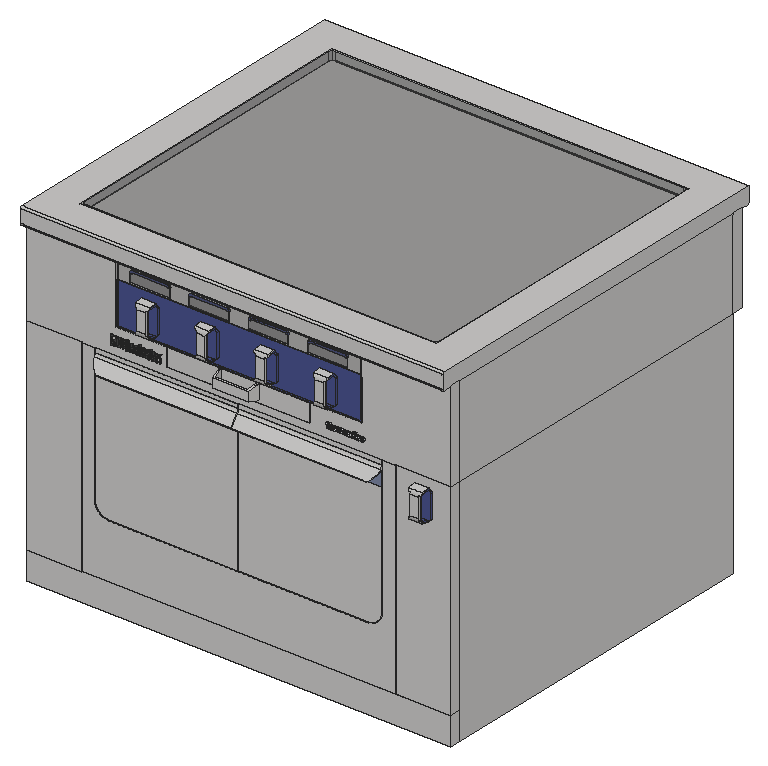
Revit family "QF_ELECTROLUXPROFESSIONAL_589709_MCTHFAJ4AO", category Attrezzature speciali, Revit 2020
Family settings
  Quota connettore circolare = Usa diametro
  Tipo di parte = Normale
  Basato su piano di lavoro = No
  Sempre verticale = Sì
  Taglio con vuoti quando caricato = No
  Condiviso = No
  Punto di calcolo locali = No
Parameters (values of type "Standard")
  Weight = 258.00 kg
  Watts = 18300 W
  Volts = 400 V
  URL Manufacturer = "https://www.electroluxprofessional.com/"
  URL = "https://www.electroluxprofessional.com/"
  Steam Supply Size = 0"
  Steam Supply Minimum Pressure = 0.00 psi
  Steam Supply Maximum Pressure = 0.00 psi
  Steam Consumption per Hour = 0
  Refrigeration Suction Line Size = 0 mm
  Refrigeration Liquid Line Size = 0 mm
  Refrigerant Compressor Remote = yes
  Prospetto di default = 0 mm
  Phase = 3
  Modello = "MCTHFAJ4AO"
  Produttore = "Electrolux Professional"
  Length Actual = 1000 mm  # constant formula
  Item Number = "589709"
  Hot Water Size = 0"
  Height Actual = 800 mm  # constant formula
  HP = "24.5 HP"
  Gas Size = 0"
  Gas KW = 0
  Gas Input Pressure = 0.0 Btu/h
  Direct Waste Size = 0"
  Descrizione = "EL.FREE COOK.WARM.CAB.1S,1000X900X800H"
  Depth Actual = 900 mm  # constant formula
  Cycle = 50 Hz
  Condensate Return Size = 0"
  Compressed Air Volume = 0 GPM
  Compressed Air Size = 0"
  Compressed Air Pressure = 0.00 psi
  Cold Water Size = 0"
  Accessory = yes
Reference planes
  plane 1 "BACK": y = 50
  plane 2: z = 0
  plane 3 "LEFT": x = 0
  plane 4 "RIGHT": x = 1000
  plane 5 "FRONT": y = -850
  plane 6 "TOP": z = 900
  plane 7 "Center (Left/Right)": x = 500
  plane 8: y = -400
  plane 9: z = 100
  plane 10: y = -150
  plane 11 "Panel": y = -805
  plane 12: z = 798
  plane 13: z = 1327
  plane 14: x = 78
  plane 15: x = 922
  plane 16: y = -100
  plane 17: y = -600
  plane 18 "EIx": x = 955
  plane 19 "EIy": y = -635
  plane 20 "KnobX": x = 935
Forms (mm)
  Extrusion 1, solid, material "QF_Finishes_Stainless Steel"
    sketch origin (-178.969, -4572, 100) x (-1, 0, 0) y (0, -1, 0)
      loop
        line (-178.969, -4577) -> (-178.969, -3767) -> (-1178.969, -3767) -> (-1178.969, -4577) -> (-178.969, -4577)
    from 550 to 763
  Extrusion 2, solid, material "QF_Finishes_Stainless Steel"
    sketch origin (-588.969, -4562, 100) x (-1, 0, 0) y (0, -1, 0)
      loop
        circle (-1543.969, -3927) r 6.35
    from 0 to -11.851
  Extrusion 3, solid, material "QF_Finishes_Stainless Steel"
    sketch origin (500, 296.4, 1219.2) x (0, 1, 0) y (0, 0, 1)
      loop
        line (-246.4, -319.2) -> (-1141.4, -319.2)
        arc (-1141.4, -319.2) -> (-1144.935, -320.664) -> (-1146.4, -324.2) r 5
        line (-1146.4, -324.2) -> (-1146.4, -355.2)
        arc (-1146.4, -355.2) -> (-1144.971, -358.264) -> (-1141.705, -359.139) r 4
        line (-1141.705, -359.139) -> (-1126.4, -356.231) -> (-266.4, -356.231) -> (-251.094, -359.139)
        arc (-251.094, -359.139) -> (-247.829, -358.264) -> (-246.4, -355.2) r 4
        line (-246.4, -355.2) -> (-246.4, -319.2)
    from -500 to 500
  Extrusion 4, solid, material "QF_Finishes_Electrolux_Black Smoke Iluminated"
    sketch origin (0, 0, 900) x (-1, 0, 0) y (0, -1, 0)
      loop
        arc (-90, 30) -> (-82.929, 32.929) -> (-80, 40) r 10
        line (-80, 40) -> (-80, 760)
        arc (-80, 760) -> (-82.929, 767.071) -> (-90, 770) r 10
        line (-90, 770) -> (-911, 770)
        arc (-911, 770) -> (-918.071, 767.071) -> (-921, 760) r 10
        line (-921, 760) -> (-921, 40)
        arc (-921, 40) -> (-918.071, 32.929) -> (-911, 30) r 10
        line (-911, 30) -> (-90, 30)
    from 0 to -20
  Extrusion 5, solid, material "QF_Finishes_Stainless Steel"
    sketch origin (-178.969, -4572, 100) x (-1, 0, 0) y (0, -1, 0)
      loop
        line (-178.969, -4577) -> (-178.969, -3767) -> (-1178.969, -3767) -> (-1178.969, -4577) -> (-178.969, -4577)
    from 550 to 0
  Extrusion 6, void
    sketch origin (0, 0, 900) x (-1, 0, 0) y (0, -1, 0)
      loop
        line (-78, 771) -> (-922, 771) -> (-922, 28) -> (-78, 28) -> (-78, 771)
    from 0 to -25
  Extrusion 7, solid, material "QF_Finishes_Stainless Steel"
    sketch origin (0, 0, 900) x (-1, 0, 0) y (0, -1, 0)
      loop
        arc (-90, 32) -> (-84.343, 34.343) -> (-82, 40) r 8
        line (-82, 40) -> (-82, 760)
        arc (-82, 760) -> (-84.343, 765.657) -> (-90, 768) r 8
        line (-90, 768) -> (-910, 768)
        arc (-910, 768) -> (-915.657, 765.657) -> (-918, 760) r 8
        line (-918, 760) -> (-918, 40)
        arc (-918, 40) -> (-915.657, 34.343) -> (-910, 32) r 8
        line (-910, 32) -> (-90, 32)
    from -20 to -25
  Extrusion 8, solid, material "QF_Finishes_Stainless Steel"
    sketch origin (500, 296.4, 1219.2) x (0, 1, 0) y (0, 0, 1)
      loop
        line (-1101.4, -1119.2) -> (-1101.4, -1054.2) -> (-1126.4, -1054.2) -> (-1126.4, -1119.2) -> (-1101.4, -1119.2)
    from -500 to 500
  Extrusion 9, solid, material "QF_Finishes_Stainless Steel"
    sketch origin (-40.038, -850, -31.747) x (1, 0, 0) y (0, 0, 1)
      loop
        line (40.038, 681.747) -> (40.038, 196.747) -> (170.038, 196.747) -> (170.038, 681.747) -> (40.038, 681.747)
      loop
        line (1040.038, 681.747) -> (910.038, 681.747) -> (910.038, 196.747) -> (1040.038, 196.747) -> (1040.038, 681.747)
    from -45 to -20
  Extrusion 10, solid, material "QF_Finishes_Stainless Steel"
    sketch origin (-40.038, -850, -31.747) x (1, 0, 0) y (0, 0, 1)
      loop
        line (170.038, 196.747) -> (910.038, 196.747) -> (910.038, 681.747) -> (880.038, 681.747) -> (880.038, 358.747)
        arc (880.038, 358.747) -> (870.665, 336.12) -> (848.038, 326.747) r 32
        line (848.038, 326.747) -> (232.038, 326.747)
        arc (232.038, 326.747) -> (209.41, 336.12) -> (200.038, 358.747) r 32
        line (200.038, 358.747) -> (200.038, 681.747) -> (170.038, 681.747) -> (170.038, 196.747)
    from -45 to -20
  Extrusion 11, solid, material "QF_Finishes_Stainless Steel"
    sketch origin (500, 296.4, 1219.2) x (0, 1, 0) y (0, 0, 1)
      loop
        line (-291.4, -569.2) -> (-266.4, -569.2) -> (-266.4, -356.2) -> (-291.4, -356.2) -> (-291.4, -569.2)
    from 500 to -500
Cuts and joins
  Extrusion 6 cuts Extrusion 3
Lines and regions (mm)
  symbolic lines
    curve 1: line (0, 50, 100) -> (1000, 50, 100)
    curve 2: line (0, -850, 100) -> (0, 50, 100)
    curve 3: line (1000, -850, 100) -> (0, -850, 100)
    curve 4: line (1000, 50, 100) -> (1000, -850, 100)
    curve 5: line (910, -30, 100) -> (90, -30, 100)
    curve 6: line (80, -40, 100) -> (80, -760, 100)
    curve 7: line (90, -770, 100) -> (910, -770, 100)
    curve 8: line (920, -760, 100) -> (920, -40, 100)
    curve 9: arc (90, -30, 100) -> (82.929, -32.929, 100) -> (80, -40, 100) r 10
    curve 10: arc (920, -40, 100) -> (917.071, -32.929, 100) -> (910, -30, 100) r 10
    curve 11: arc (910, -770, 100) -> (917.071, -767.071, 100) -> (920, -760, 100) r 10
    curve 12: arc (80, -760, 100) -> (82.929, -767.071, 100) -> (90, -770, 100) r 10
Dimensions and locks
  plane 3 "LEFT" to plane 4 "RIGHT" = 1000 mm
  plane 5 "FRONT" to plane 1 "BACK" = 900 mm
  plane 3 "LEFT" to plane 7 "Center (Left/Right)" to plane 4 "RIGHT" = 500 mm, 500 mm
  equal spacing: plane 5 "FRONT", plane 8, plane 1 "BACK"
  plane 6 "TOP" to level = 900 mm  (x2)
  plane 9 to level = 100 mm
  plane 1 "BACK" to plane 10 to plane 11 "Panel" = 200 mm, 655 mm  (x2)
  plane 6 "TOP" to plane 9 to level = 800 mm, 100 mm
  plane 1 "BACK" to plane 5 "FRONT" = 900 mm
  plane 1 "BACK" to Extrusion 2 = 685 mm
  plane 12 to plane 9 = 698 mm
  plane 13 to plane 6 "TOP" = 427 mm
  plane 6 "TOP" to plane 12 = 102 mm
  plane 14 to plane 3 "LEFT" = 78 mm
  plane 15 to plane 4 "RIGHT" = 78 mm
  locked: plane 1 "BACK" to plane 16 at 150
  locked: plane 16 to plane 17 at 500
  plane 11 "Panel" to plane 5 "FRONT" = 45 mm
  plane 18 "EIx" to plane 4 "RIGHT" = 45 mm
  plane 19 "EIy" to plane 1 "BACK" = 685 mm
  plane 20 "KnobX" to plane 4 "RIGHT" = 65 mm
  aligned and locked: level to plane 2
  aligned and locked: nested 2 to plane 11 "Panel"
  aligned and locked: plane 3 "LEFT" to nested 2
  aligned and locked: Extrusion 4 sketch curve to curve 5
  aligned and locked: Extrusion 4 sketch curve to curve 7
  aligned and locked: Extrusion 6 sketch curve to plane 14
  aligned and locked: plane 15 to Extrusion 6 sketch curve
Automatic sketch dimensions
  Extrusion 2 sketch curve to plane 18 "EIx" = 0 mm
  Extrusion 2 sketch curve to plane 19 "EIy" = 0 mm
  Extrusion 3 sketch curve to plane 5 "FRONT" = 0 mm
  Extrusion 3 sketch curve to plane 6 "TOP" = 0 mm
  Extrusion 3 sketch curve to plane 1 "BACK" = 0 mm
  Extrusion 3 sketch curve to plane 5 "FRONT" = 4 mm
  Extrusion 3 sketch curve to Extrusion 3 sketch curve = 0.695 mm
  Extrusion 3 sketch curve to plane 5 "FRONT" = 5 mm
  Extrusion 3 sketch curve to Extrusion 3 sketch curve = 15.305 mm
  plane 1 "BACK" to Extrusion 3 sketch curve = 20 mm
  plane 1 "BACK" to Extrusion 3 sketch curve = 4.695 mm
  Extrusion 3 sketch curve to Extrusion 3 sketch curve = 4 mm
  Extrusion 3 sketch curve to Extrusion 3 sketch curve = 31 mm
  Extrusion 3 sketch curve to plane 6 "TOP" = 36 mm
  Extrusion 3 sketch curve to Extrusion 3 sketch curve = 2.909 mm
  plane 15 to Extrusion 4 sketch curve = 1 mm
  Extrusion 4 sketch curve to plane 14 = 2 mm
  plane 15 to Extrusion 4 sketch curve = 11 mm  (x2)
  Extrusion 4 sketch curve to Extrusion 4 sketch curve = 10 mm  (x2)
  Extrusion 6 sketch curve to plane 16 = 72 mm
  plane 11 "Panel" to Extrusion 6 sketch curve = 34 mm
  Extrusion 1 sketch curve to plane 4 "RIGHT" = 0 mm
  Extrusion 1 sketch curve to plane 3 "LEFT" = 0 mm
  Extrusion 1 sketch curve to plane 11 "Panel" = 0 mm
  plane 1 "BACK" to Extrusion 1 sketch curve = 45 mm
  plane 1 "BACK" to curve 1 = 0 mm
  curve 1 to plane 4 "RIGHT" = 0 mm
  plane 15 to curve 8 = 2 mm
  curve 6 to plane 14 = 2 mm
  curve 2 to plane 3 "LEFT" = 0 mm
  plane 5 "FRONT" to curve 3 = 0 mm
  plane 15 to curve 5 = 12 mm
  plane 15 to curve 11 = 12 mm
  curve 5 to plane 14 = 12 mm
  curve 12 to curve 6 = 10 mm
  curve 5 to plane 16 = 70 mm
  plane 17 to curve 11 = 160 mm
  Extrusion 5 sketch curve to plane 4 "RIGHT" = 0 mm
  Extrusion 5 sketch curve to plane 3 "LEFT" = 0 mm
  Extrusion 5 sketch curve to plane 11 "Panel" = 0 mm
  plane 1 "BACK" to Extrusion 5 sketch curve = 45 mm
  Extrusion 8 sketch curve to plane 9 = 0 mm
  Extrusion 8 sketch curve to plane 11 "Panel" = 0 mm
  Extrusion 8 sketch curve to plane 5 "FRONT" = 20 mm
  plane 9 to Extrusion 8 sketch curve = 65 mm
  plane 14 to Extrusion 9 sketch curve = 78 mm
  Extrusion 9 sketch curve to plane 14 = 52 mm
  plane 15 to Extrusion 9 sketch curve = 52 mm
  Extrusion 9 sketch curve to plane 4 "RIGHT" = 0 mm
  plane 9 to Extrusion 9 sketch curve = 65 mm  (x2)
  Extrusion 9 sketch curve to plane 12 = 148 mm  (x2)
  Extrusion 10 sketch curve to plane 14 = 52 mm
  Extrusion 10 sketch curve to Extrusion 10 sketch curve = 30 mm
  Extrusion 10 sketch curve to Extrusion 10 sketch curve = 32 mm  (x2)
  plane 15 to Extrusion 10 sketch curve = 114 mm
  plane 15 to Extrusion 10 sketch curve = 52 mm
  plane 9 to Extrusion 10 sketch curve = 65 mm
  Extrusion 10 sketch curve to Extrusion 10 sketch curve = 130 mm
  Extrusion 10 sketch curve to plane 12 = 148 mm  (x2)
  plane 15 to Extrusion 7 sketch curve = 4 mm
  Extrusion 7 sketch curve to Extrusion 7 sketch curve = 8 mm  (x2)
  Extrusion 7 sketch curve to plane 14 = 12 mm  (x2)
  Extrusion 7 sketch curve to plane 14 = 4 mm
  Extrusion 7 sketch curve to plane 16 = 68 mm
  plane 11 "Panel" to Extrusion 7 sketch curve = 45 mm
  plane 1 "BACK" to Extrusion 11 sketch curve = 45 mm
  plane 1 "BACK" to Extrusion 11 sketch curve = 20 mm
  Extrusion 11 sketch curve to plane 6 "TOP" = 37 mm
  Extrusion 11 sketch curve to plane 12 = 148 mm
  radius of Extrusion 2 sketch curve = 6.35 mm
Nested families
  nested 1: "FIT Range Control Handle" at (934.774, -833.137, -372.751), type "FIT Range Control Handle"
  nested 2: "Front_Panel_W1000_Four Knobs" at (202.376, -805, 0), type "Front_Panel_W1000_Four Knobs"
  nested 3: "Warm" at (1000, -800, 0), type "Warm"
  nested 4: "H450H2W1000_2DOOR" at (463.958, -805, 200) x (1, 0, 0) z (0, -1, 0), type "H450H2W1000_2DOOR"
    with Width 680 mm, Wdoor 340 mm, Show Clearance yes
Connectors
  electrical at (955, -635, 88.149)
    settings: on Extrusion 2, index 1, voltage 400 V, apparent load 33000 VA, apparent load phase1 0 VA, apparent load phase2 0 VA, apparent load phase3 0 VA, power factor 1, load classification "Other", number of poles 1, system type 30, power factor state 1, is connector primary yes, connector utility no, sub classification motor no, connector description "ELECTRICAL CONNECTION"
Definition of nested family "FIT Range Control Handle"
  Parameters
    Default Elevation = 0 mm
  Reference planes
    plane 1 "Center (Front/Back)": y = 0
    plane 2: z = 0
    plane 3 "Center (Left/Right)": x = 0
    plane 4: z = 971.092
    plane 5: y = -16.8
  Forms (mm)
    Extrusion 1, solid
      sketch origin (-746.28, 380.497, 208.931) x (-1, 0, 0) y (0, 0, 1)
        loop
          line (-770.101, 786.798) -> (-770.101, 731.649)
          arc (-770.101, 731.649) -> (-769.759, 730.563) -> (-768.855, 729.87) r 1.893
          line (-768.855, 729.87) -> (-763.474, 727.911) -> (-729.81, 727.911) -> (-724.428, 729.87)
          arc (-724.428, 729.87) -> (-723.525, 730.563) -> (-723.183, 731.649) r 1.893
          line (-723.183, 731.649) -> (-723.183, 786.798)
          arc (-723.183, 786.798) -> (-723.529, 787.894) -> (-724.44, 788.593) r 1.91
          line (-724.44, 788.593) -> (-729.683, 790.819) -> (-763.601, 790.819) -> (-768.844, 788.593)
          arc (-768.844, 788.593) -> (-769.755, 787.894) -> (-770.101, 786.798) r 1.91
      from -382.35 to -378.852
    Sweep 2, solid
      path origin (-746.788, 380.496, 208.091) x (0, -1, 0) y (0, 0, 1)
        loop
          line (379.775, 793.281) -> (395.661, 791.048)
          arc (395.661, 791.048) -> (397.781, 787.377) -> (398.517, 783.202) r 12.207
          line (398.517, 783.202) -> (398.517, 737.368)
          arc (398.517, 737.368) -> (397.781, 733.193) -> (395.661, 729.522) r 12.207
          line (395.661, 729.522) -> (379.775, 727.289)
      profile origin (-746.788, -7.222, 1000.256) x (0, -0.139173, 0.990268) y (-1, 0, 0)
        loop
          line (0.782, -763.123) -> (0.782, -730.907) -> (-1.322, -730.907) -> (-1.322, -763.123) -> (0.782, -763.123)
    Sweep 3, solid
      path origin (-746.788, 380.715, 207.832) x (0, -1, 0) y (0, 0, 1)
        loop
          line (380.478, 795.442) -> (397.218, 793.09)
          arc (397.218, 793.09) -> (399.929, 788.473) -> (400.871, 783.202) r 15.207
          line (400.871, 783.202) -> (400.871, 737.584)
          arc (400.871, 737.584) -> (399.914, 732.274) -> (397.164, 727.633) r 15.207
          line (397.164, 727.633) -> (380.601, 725.305)
      profile origin (-746.788, -8.132, 1002.099) x (0, -0.139173, 0.990268) y (-1, 0, 0)
        loop
          line (0.782, -763.123) -> (0.782, -730.907) -> (-1.322, -730.907) -> (-1.322, -763.123) -> (0.782, -763.123)
    Extrusion 4, void
      sketch origin (889.253, 220.666, 207.993) x (1, 0, 0) y (0, 0, 1)
        loop
          line (-943.038, 816.854) -> (-943.038, 703.686) -> (-899.466, 734.196) -> (-899.466, 786.344) -> (-943.038, 816.854)
      from 230.636 to 242.25
    Extrusion 5, void
      sketch origin (-888.8, 220.666, 207.993) x (-1, 0, 0) y (0, 0, -1)
        loop
          line (-943.038, -816.854) -> (-899.466, -786.344) -> (-899.466, -734.196) -> (-943.038, -703.686) -> (-943.038, -816.854)
      from 230.636 to 242.25
    Extrusion 6, solid
      sketch origin (0, 0, 0) x (1, 0, 0) y (0, 0, 1)
        loop
          circle (0, 971.092) r 7.736
      from -3.137 to -1.645
  Cuts and joins
    Extrusion 4, Extrusion 5 cuts Sweep 3
    Extrusion 4, Extrusion 5 cuts Sweep 2
    joined: Extrusion 1, Extrusion 6
  Lines and regions (mm)
    symbolic lines
      curve 1: line (-15.881, -19.189, 0) -> (-15.881, -16.8, 0)
      curve 2: line (16.334, -19.189, 0) -> (16.334, -16.8, 0)
      curve 3: spline (-15.881, -19.189, 0) -> (-15.417, -19.349, 0) -> (-14.951, -19.501, 0) -> (-14.483, -19.646, 0) -> (-14.014, -19.783, 0) -> (-13.543, -19.912, 0) -> (-13.071, -20.033, 0) -> (-12.597, -20.146, 0) -> (-12.122, -20.251, 0) -> (-11.646, -20.349, 0) -> (-11.169, -20.438, 0) -> (-10.691, -20.52, 0) -> (-10.213, -20.593, 0)
      curve 4: spline (10.666, -20.593, 0) -> (11.144, -20.52, 0) -> (11.622, -20.438, 0) -> (12.099, -20.349, 0) -> (12.575, -20.251, 0) -> (13.05, -20.146, 0) -> (13.524, -20.033, 0) -> (13.996, -19.912, 0) -> (14.467, -19.783, 0) -> (14.936, -19.646, 0) -> (15.404, -19.501, 0) -> (15.87, -19.349, 0) -> (16.334, -19.189, 0)
      curve 5: line (-10.213, -20.938, 0) -> (10.716, -20.938, 0)
  Dimensions and locks
    cut or joined group of Sweep 3, Extrusion 4, Extrusion 5 to cut or joined group of Sweep 3, Extrusion 4, Extrusion 5 = 71.686 mm
Definition of nested family "Front_Panel_W1000_Four Knobs"
  Parameters
    Default Elevation = 0 mm
  Reference planes
    plane 1 "Center (Front/Back)": y = 0
    plane 2: z = 0
    plane 3 "Center (Left/Right)": x = 297.624
    plane 4 "Left": x = -202.376
    plane 5 "Right": x = 797.624
    plane 6: y = -45
    plane 7: x = 87.624
    plane 8: x = 227.624
    plane 9: y = -310
    plane 10: y = -25
    plane 11: x = -2.376
    plane 12: x = 367.624
    plane 13: x = 507.624
    plane 14: x = 594.715
  Forms (mm)
    Extrusion 1, solid
      sketch origin (833.217, 829.203, -1.25) x (0, 1, 0) y (0, 0, 1)
        loop
          line (-854.203, 651.25) -> (-829.203, 651.25) -> (-829.203, 864.25) -> (-854.203, 864.25) -> (-854.203, 651.25)
      from -1035.593 to -35.593
    Extrusion 2, void
      sketch origin (0, 0, 0) x (1, 0, 0) y (0, 0, 1)
        loop
          line (7.624, 853.866) -> (7.624, 711.866) -> (587.624, 711.866) -> (587.624, 853.866) -> (7.624, 853.866)
      from 19.387 to 33.951
    Extrusion 3, void
      sketch origin (0, 0, 0) x (1, 0, 0) y (0, 0, 1)
        loop
          line (128.624, 711.866) -> (128.624, 668.866) -> (466.624, 668.866) -> (466.624, 711.866) -> (128.624, 711.866)
      from 19.387 to 25
    Extrusion 4, solid
      sketch origin (150, 0, 1) x (1, 0, 0) y (0, 0, 1)
        loop
          line (-21.376, 710.866) -> (-21.376, 667.866) -> (316.624, 667.866) -> (316.624, 710.866) -> (-21.376, 710.866)
      from 19.387 to 25
    Extrusion 5, solid
      sketch origin (150, 0, 1) x (1, 0, 0) y (0, 1, 0)
        loop
          line (106.059, -25) -> (100.966, -25) -> (105.646, -49.075) -> (189.603, -49.075) -> (194.283, -25) -> (189.189, -25) -> (185.481, -44.075) -> (109.767, -44.075) -> (106.059, -25)
      from 672.593 to 705.67
    Extrusion 6, void
      sketch origin (297.624, 0, 1) x (0, 1, 0) y (0, 0, 1)
        loop
          line (-30, 705.67) -> (-30, 710.67) -> (-56.744, 710.67) -> (-56.744, 667.593) -> (-30, 667.593) -> (-30, 672.593) -> (-53.776, 680.318) -> (-53.776, 697.945) -> (-30, 705.67)
      from -50 to 50
    Extrusion 7, solid, detail levels coarse
      sketch origin (150, -265, 1) x (1, 0, 0) y (0, 1, 0)
        loop
          line (106.164, -71.744) -> (189.084, -71.744) -> (194.283, -45) -> (316.624, -45) -> (316.624, 240) -> (-21.376, 240) -> (-21.376, -45) -> (100.966, -45) -> (106.164, -71.744)
      from 672.593 to 705.67
    Extrusion 8, void
      sketch origin (297.624, -280, 1) x (0, 1, 0) y (0, 0, 1)
        loop
          line (-30, 705.67) -> (-30, 710.67) -> (-56.744, 710.67) -> (-56.744, 667.593) -> (-30, 667.593) -> (-30, 672.593) -> (-53.776, 680.318) -> (-53.776, 697.945) -> (-30, 705.67)
      from -50 to 50
  Cuts and joins
    Extrusion 2, Extrusion 3 cuts Extrusion 1
    Extrusion 6 cuts Extrusion 5
    Extrusion 6, Extrusion 8 cuts Extrusion 7
  Lines and regions (mm)
    symbolic lines
      curve 1: line (128.624, -45, 0) -> (128.624, -310, 0)
      curve 2: line (128.624, -310, 0) -> (466.624, -310, 0)
      curve 3: line (466.624, -310, 0) -> (466.624, -45, 0)
      curve 4: line (128.624, -300, 0) -> (466.624, -300, 0)
      curve 5: line (250.908, -309.701, 0) -> (255.587, -333.776, 0)
      curve 6: line (255.587, -333.776, 0) -> (339.545, -333.776, 0)
      curve 7: line (339.545, -333.776, 0) -> (344.225, -309.701, 0)
      curve 8: line (256.001, -309.701, 0) -> (259.709, -328.776, 0)
      curve 9: line (259.709, -328.776, 0) -> (335.423, -328.776, 0)
      curve 10: line (335.423, -328.776, 0) -> (339.131, -309.701, 0)
  Dimensions and locks
    equal spacing: plane 5 "Right", plane 3 "Center (Left/Right)", plane 4 "Left"
    plane 5 "Right" to plane 4 "Left" = 1000 mm
    plane 3 "Center (Left/Right)" to plane 7 = 210 mm
    plane 3 "Center (Left/Right)" to plane 8 = 70 mm
    plane 6 to plane 9 = 265 mm
    plane 13 to plane 3 "Center (Left/Right)" = 210 mm
    plane 12 to plane 3 "Center (Left/Right)" = 70 mm
    aligned and locked: cut or joined group of Extrusion 1, Extrusion 2, Extrusion 3 to plane 4 "Left"
    aligned and locked: plane 5 "Right" to cut or joined group of Extrusion 1, Extrusion 2, Extrusion 3
    aligned and locked: plane 3 "Center (Left/Right)" to nested 2
    aligned and locked: cut or joined group of Extrusion 1, Extrusion 2, Extrusion 3 to nested 2
  Automatic sketch dimensions
    plane 7 to Extrusion 3 sketch curve = 41 mm
    plane 3 "Center (Left/Right)" to Extrusion 3 sketch curve = 169 mm
    level to Extrusion 3 sketch curve = 668.866 mm
    Extrusion 3 sketch curve to Extrusion 3 sketch curve = 43 mm
    Extrusion 1 sketch curve to plane 1 "Center (Front/Back)" = 0 mm
    level to Extrusion 1 sketch curve = 650 mm
    plane 4 "Left" to Extrusion 2 sketch curve = 210 mm
    Extrusion 2 sketch curve to plane 5 "Right" = 210 mm
    level to Extrusion 2 sketch curve = 711.866 mm
    Extrusion 2 sketch curve to Extrusion 2 sketch curve = 142 mm
    plane 6 to curve 1 = 0 mm
    plane 6 to curve 3 = 0 mm
    plane 9 to curve 1 = 0 mm
    plane 7 to curve 1 = 41 mm
    curve 1 to curve 4 = 10 mm
    Extrusion 1 sketch curve to plane 6 = 20 mm
    Extrusion 1 sketch curve to Extrusion 1 sketch curve = 213 mm
    plane 7 to Extrusion 4 sketch curve = 41 mm
    Extrusion 4 sketch curve to plane 13 = 41 mm
    level to Extrusion 4 sketch curve = 668.866 mm
    Extrusion 4 sketch curve to Extrusion 4 sketch curve = 43 mm
    plane 10 to Extrusion 5 sketch curve = 0 mm  (x2)
    plane 8 to Extrusion 5 sketch curve = 23.342 mm
    plane 6 to Extrusion 5 sketch curve = 4.075 mm
    Extrusion 5 sketch curve to Extrusion 5 sketch curve = 4.68 mm
    Extrusion 5 sketch curve to Extrusion 5 sketch curve = 5.094 mm  (x2)
    Extrusion 5 sketch curve to plane 6 = 0.925 mm
    Extrusion 5 sketch curve to Extrusion 5 sketch curve = 4.122 mm  (x2)
    Extrusion 5 sketch curve to plane 12 = 32.143 mm
    Extrusion 5 sketch curve to Extrusion 5 sketch curve = 3.708 mm
    plane 6 to Extrusion 6 sketch curve = 11.744 mm
    plane 6 to Extrusion 6 sketch curve = 8.776 mm
    plane 10 to Extrusion 6 sketch curve = 5 mm  (x2)
    level to Extrusion 6 sketch curve = 668.593 mm
    Extrusion 6 sketch curve to Extrusion 6 sketch curve = 5 mm
    Extrusion 6 sketch curve to Extrusion 6 sketch curve = 12.725 mm  (x2)
    Extrusion 6 sketch curve to Extrusion 6 sketch curve = 17.627 mm
    Extrusion 6 sketch curve to Extrusion 6 sketch curve = 7.725 mm
    plane 10 to Extrusion 7 sketch curve = 0 mm
    Extrusion 7 sketch curve to plane 9 = 0 mm  (x2)
    plane 7 to Extrusion 7 sketch curve = 41 mm
    plane 8 to Extrusion 7 sketch curve = 23.342 mm
    Extrusion 7 sketch curve to Extrusion 7 sketch curve = 5.199 mm
    Extrusion 7 sketch curve to plane 12 = 28.54 mm
    Extrusion 7 sketch curve to plane 12 = 23.342 mm
    Extrusion 7 sketch curve to plane 13 = 41 mm
    Extrusion 7 sketch curve to plane 9 = 26.744 mm
    Extrusion 8 sketch curve to plane 9 = 0 mm  (x2)
    Extrusion 8 sketch curve to plane 9 = 23.776 mm
    Extrusion 8 sketch curve to Extrusion 8 sketch curve = 2.968 mm
    level to Extrusion 8 sketch curve = 668.593 mm
    Extrusion 8 sketch curve to Extrusion 8 sketch curve = 5 mm
    Extrusion 8 sketch curve to Extrusion 8 sketch curve = 12.725 mm  (x2)
    Extrusion 8 sketch curve to Extrusion 8 sketch curve = 17.627 mm
    Extrusion 8 sketch curve to Extrusion 8 sketch curve = 7.725 mm
    curve 3 to plane 13 = 41 mm
    plane 9 to curve 5 = 0.299 mm
    plane 8 to curve 5 = 23.283 mm
    curve 5 to curve 5 = 4.68 mm
    plane 9 to curve 8 = 0.299 mm
    curve 5 to curve 8 = 5.094 mm
    curve 5 to curve 9 = 4.122 mm
    curve 9 to plane 12 = 32.201 mm
    plane 9 to curve 10 = 0.299 mm
    curve 9 to curve 10 = 3.708 mm
    curve 9 to curve 7 = 4.122 mm
    plane 9 to curve 7 = 0.299 mm
    curve 10 to curve 7 = 5.094 mm
    curve 9 to plane 9 = 18.776 mm
    curve 6 to curve 8 = 5 mm
  Nested families
    nested 1: "Range Control Handle" at (87.624, -28.137, -209.113) x (-1, 0, 0) z (0, 0, 1), type "Range Control Handle"
    nested 2: "Front glass control panel W1000" at (297.624, 280.644, 2.752), type "Front glass control panel W1000"
    nested 3: "Range Control Handle" at (227.624, -28.137, -209.113) x (-1, 0, 0) z (0, 0, 1), type "Range Control Handle"
    nested 4: "Range Control Handle" at (367.624, -28.137, -209.113), type "Range Control Handle"
    nested 5: "Range Control Handle" at (507.624, -28.137, -209.113), type "Range Control Handle"
    nested 6: "ELX_ThermaLine_Small" at (546.122, -25, 679.426) x (1, 0, 0) z (0, -1, 0), type "ELX_ThermaLine_Small"
      with Show Logo yes, Material_Logo none
    nested 7: "ELX_Professional_Logo_Small" at (57.11, -25, 681.659) x (1, 0, 0) z (0, -1, 0), type "ELX_Professional_Logo_Small"
      with Show Logo yes, Material_Logo none
  Definition of nested family "Range Control Handle"
    Parameters
      Default Elevation = 0 mm
    Reference planes
      plane 1 "Center (Front/Back)": y = 0
      plane 2: z = 0
      plane 3 "Center (Left/Right)": x = 0
      plane 4: z = 971.092
      plane 5: y = -16.9
    Forms (mm)
      Extrusion 1, solid
        sketch origin (-746.28, 380.497, 208.931) x (-1, 0, 0) y (0, 0, 1)
          loop
            line (-770.101, 786.798) -> (-770.101, 731.649)
            arc (-770.101, 731.649) -> (-769.759, 730.563) -> (-768.855, 729.87) r 1.893
            line (-768.855, 729.87) -> (-763.474, 727.911) -> (-729.81, 727.911) -> (-724.428, 729.87)
            arc (-724.428, 729.87) -> (-723.525, 730.563) -> (-723.183, 731.649) r 1.893
            line (-723.183, 731.649) -> (-723.183, 786.798)
            arc (-723.183, 786.798) -> (-723.529, 787.894) -> (-724.44, 788.593) r 1.91
            line (-724.44, 788.593) -> (-729.683, 790.819) -> (-763.601, 790.819) -> (-768.844, 788.593)
            arc (-768.844, 788.593) -> (-769.755, 787.894) -> (-770.101, 786.798) r 1.91
        from -382.35 to -378.852
      Sweep 2, solid
        path origin (-746.788, 380.496, 208.091) x (0, -1, 0) y (0, 0, 1)
          loop
            line (379.775, 793.281) -> (395.661, 791.048)
            arc (395.661, 791.048) -> (397.781, 787.377) -> (398.517, 783.202) r 12.207
            line (398.517, 783.202) -> (398.517, 737.368)
            arc (398.517, 737.368) -> (397.781, 733.193) -> (395.661, 729.522) r 12.207
            line (395.661, 729.522) -> (379.775, 727.289)
        profile origin (-746.788, -7.222, 1000.256) x (0, -0.139173, 0.990268) y (-1, 0, 0)
          loop
            line (0.782, -763.123) -> (0.782, -730.907) -> (-1.322, -730.907) -> (-1.322, -763.123) -> (0.782, -763.123)
      Sweep 3, solid
        path origin (-746.788, 380.715, 207.832) x (0, -1, 0) y (0, 0, 1)
          loop
            line (380.478, 795.442) -> (397.218, 793.09)
            arc (397.218, 793.09) -> (399.929, 788.473) -> (400.871, 783.202) r 15.207
            line (400.871, 783.202) -> (400.871, 737.584)
            arc (400.871, 737.584) -> (399.914, 732.274) -> (397.164, 727.633) r 15.207
            line (397.164, 727.633) -> (380.601, 725.305)
        profile origin (-746.788, -8.132, 1002.099) x (0, -0.139173, 0.990268) y (-1, 0, 0)
          loop
            line (0.782, -763.123) -> (0.782, -730.907) -> (-1.322, -730.907) -> (-1.322, -763.123) -> (0.782, -763.123)
      Extrusion 4, void
        sketch origin (889.253, 220.666, 207.993) x (1, 0, 0) y (0, 0, 1)
          loop
            line (-943.038, 816.854) -> (-943.038, 703.686) -> (-899.466, 734.196) -> (-899.466, 786.344) -> (-943.038, 816.854)
        from 230.636 to 242.25
      Extrusion 5, void
        sketch origin (-888.8, 220.666, 207.993) x (-1, 0, 0) y (0, 0, -1)
          loop
            line (-943.038, -816.854) -> (-899.466, -786.344) -> (-899.466, -734.196) -> (-943.038, -703.686) -> (-943.038, -816.854)
        from 230.636 to 242.25
      Extrusion 6, solid
        sketch origin (0, 0, 0) x (1, 0, 0) y (0, 0, 1)
          loop
            circle (0, 971.092) r 7.736
        from -3.137 to -1.645
    Cuts and joins
      Extrusion 4, Extrusion 5 cuts Sweep 3
      Extrusion 4, Extrusion 5 cuts Sweep 2
      joined: Extrusion 1, Extrusion 6
    Lines and regions (mm)
      symbolic lines
        curve 1: line (16.334, -16.9, 0) -> (16.334, -19.227, 0)
        curve 2: spline (16.334, -19.227, 0) -> (15.87, -19.385, 0) -> (15.404, -19.536, 0) -> (14.936, -19.678, 0) -> (14.466, -19.813, 0) -> (13.995, -19.94, 0) -> (13.523, -20.059, 0) -> (13.049, -20.171, 0) -> (12.575, -20.274, 0) -> (12.099, -20.37, 0) -> (11.622, -20.458, 0) -> (11.144, -20.537, 0) -> (10.666, -20.609, 0)
        curve 3: line (10.666, -16.9, 0) -> (10.666, -20.938, 0)
        curve 4: line (-10.213, -20.938, 0) -> (10.666, -20.938, 0)
        curve 5: line (-10.213, -20.938, 0) -> (-10.213, -16.9, 0)
        curve 6: spline (-10.213, -20.609, 0) -> (-10.691, -20.537, 0) -> (-11.169, -20.458, 0) -> (-11.646, -20.37, 0) -> (-12.122, -20.274, 0) -> (-12.597, -20.171, 0) -> (-13.07, -20.059, 0) -> (-13.542, -19.94, 0) -> (-14.013, -19.813, 0) -> (-14.483, -19.678, 0) -> (-14.951, -19.536, 0) -> (-15.417, -19.385, 0) -> (-15.881, -19.227, 0)
        curve 7: line (-15.881, -19.227, 0) -> (-15.881, -16.9, 0)
  Definition of nested family "Front glass control panel W1000"
    Parameters
      Default Elevation = 0 mm
    Reference planes
      plane 1 "Center (Front/Back)": y = 0
      plane 2: z = 0
      plane 3 "Center (Left/Right)": x = 0
    Forms (mm)
      Extrusion 1, solid
        sketch origin (378.286, 0, 0.617) x (1, 0, 0) y (0, 0, 1)
          loop
            line (-668.286, 806.791) -> (-668.286, 708.497) -> (-88.286, 708.497) -> (-88.286, 806.791) -> (-668.286, 806.791)
        from 300.031 to 304.8
      Extrusion 2, solid
        sketch origin (378.286, 0, 0.617) x (1, 0, 0) y (0, 0, 1)
          loop
            line (-668.286, 850.497) -> (-668.286, 806.791) -> (-88.286, 806.791) -> (-88.286, 850.497) -> (-668.286, 850.497)
        from 300.031 to 304.8
      Extrusion 3, void
        sketch origin (378.286, 0, 0.617) x (1, 0, 0) y (0, 0, 1)
          loop
            line (-665.628, 847.565) -> (-665.628, 710.699) -> (-91.196, 710.699) -> (-91.196, 847.565) -> (-665.628, 847.565)
        from 303.697 to 304.8
      Extrusion 4, solid
        sketch origin (-378.333, 1.101, -0.633) x (-1, 0, 0) y (0, 0, -1)
          loop
            line (-261.431, -812.62) -> (-355.186, -812.62) -> (-355.186, -834.177) -> (-350.269, -834.177) -> (-348.469, -835.977) -> (-268.039, -835.977) -> (-266.24, -834.177) -> (-261.431, -834.177) -> (-261.431, -812.62)
        from 304.798 to 306.745
      Extrusion 5, solid
        sketch origin (-378.333, 1.101, -0.633) x (-1, 0, 0) y (0, 0, -1)
          loop
            line (-350.269, -834.177) -> (-355.078, -834.177)
            arc (-355.078, -834.177) -> (-353.942, -838.747) -> (-349.686, -840.763) r 5.5
            line (-349.686, -840.763) -> (-266.98, -840.763)
            arc (-266.98, -840.763) -> (-262.706, -838.752) -> (-261.529, -834.177) r 5.549
            line (-261.529, -834.177) -> (-266.24, -834.177) -> (-268.039, -835.977) -> (-348.469, -835.977) -> (-350.269, -834.177)
        from 304.798 to 306.745
      Extrusion 6, solid
        sketch origin (-518.333, 1.101, -0.633) x (-1, 0, 0) y (0, 0, -1)
          loop
            line (-261.431, -812.62) -> (-355.186, -812.62) -> (-355.186, -834.177) -> (-350.269, -834.177) -> (-348.469, -835.977) -> (-268.039, -835.977) -> (-266.24, -834.177) -> (-261.431, -834.177) -> (-261.431, -812.62)
        from 304.798 to 306.745
      Extrusion 7, solid
        sketch origin (-518.333, 1.101, -0.633) x (-1, 0, 0) y (0, 0, -1)
          loop
            line (-350.269, -834.177) -> (-355.078, -834.177)
            arc (-355.078, -834.177) -> (-353.942, -838.747) -> (-349.686, -840.763) r 5.5
            line (-349.686, -840.763) -> (-266.98, -840.763)
            arc (-266.98, -840.763) -> (-262.706, -838.752) -> (-261.529, -834.177) r 5.549
            line (-261.529, -834.177) -> (-266.24, -834.177) -> (-268.039, -835.977) -> (-348.469, -835.977) -> (-350.269, -834.177)
        from 304.798 to 306.745
      Extrusion 8, solid
        sketch origin (378.333, 1.101, -0.633) x (1, 0, 0) y (0, 0, 1)
          loop
            line (-261.431, 812.62) -> (-261.431, 834.177) -> (-266.24, 834.177) -> (-268.039, 835.977) -> (-348.469, 835.977) -> (-350.269, 834.177) -> (-355.186, 834.177) -> (-355.186, 812.62) -> (-261.431, 812.62)
        from 304.798 to 306.745
      Extrusion 9, solid
        sketch origin (378.333, 1.101, -0.633) x (1, 0, 0) y (0, 0, 1)
          loop
            line (-350.269, 834.177) -> (-348.469, 835.977) -> (-268.039, 835.977) -> (-266.24, 834.177) -> (-261.529, 834.177)
            arc (-261.529, 834.177) -> (-262.706, 838.752) -> (-266.98, 840.763) r 5.549
            line (-266.98, 840.763) -> (-349.686, 840.763)
            arc (-349.686, 840.763) -> (-353.942, 838.747) -> (-355.078, 834.177) r 5.5
            line (-355.078, 834.177) -> (-350.269, 834.177)
        from 304.798 to 306.745
      Extrusion 10, solid
        sketch origin (518.333, 1.101, -0.633) x (1, 0, 0) y (0, 0, 1)
          loop
            line (-261.431, 812.62) -> (-261.431, 834.177) -> (-266.24, 834.177) -> (-268.039, 835.977) -> (-348.469, 835.977) -> (-350.269, 834.177) -> (-355.186, 834.177) -> (-355.186, 812.62) -> (-261.431, 812.62)
        from 304.798 to 306.745
      Extrusion 11, solid
        sketch origin (518.333, 1.101, -0.633) x (1, 0, 0) y (0, 0, 1)
          loop
            line (-350.269, 834.177) -> (-348.469, 835.977) -> (-268.039, 835.977) -> (-266.24, 834.177) -> (-261.529, 834.177)
            arc (-261.529, 834.177) -> (-262.706, 838.752) -> (-266.98, 840.763) r 5.549
            line (-266.98, 840.763) -> (-349.686, 840.763)
            arc (-349.686, 840.763) -> (-353.942, 838.747) -> (-355.078, 834.177) r 5.5
            line (-355.078, 834.177) -> (-350.269, 834.177)
        from 304.798 to 306.745
    Cuts and joins
      Extrusion 3 cuts Extrusion 1
      Extrusion 3 cuts Extrusion 2
    Dimensions and locks
      aligned and locked: Extrusion 1 to Extrusion 2
      aligned and locked: Extrusion 5 sketch curve to Extrusion 4  (x5)
      aligned and locked: Extrusion 5 to Extrusion 4
      aligned and locked: Extrusion 7 sketch curve to Extrusion 6  (x5)
      aligned and locked: Extrusion 7 to Extrusion 6
      aligned and locked: Extrusion 9 sketch curve to Extrusion 8  (x4)
      aligned and locked: Extrusion 8 to Extrusion 9 sketch curve
      aligned and locked: Extrusion 9 to Extrusion 8
      aligned and locked: Extrusion 11 sketch curve to Extrusion 10  (x4)
      aligned and locked: Extrusion 10 to Extrusion 11 sketch curve
      aligned and locked: Extrusion 11 to Extrusion 10
  Definition of nested family "ELX_ThermaLine_Small"
    Parameters
      Show Logo [instance] = yes
      Material_Logo [instance] = none
      Default Elevation = 0 mm
    Reference planes
      plane 1 "Centro (Fronte/Retro)": y = 0
      plane 2: z = 0
      plane 3 "Centro (Sinistra/Destra)": x = 0
    Forms (mm)
      Extrusion 1, solid
        sketch origin (0, 0, 0) x (1, 0, 0) y (0, 1, 0)
          loop
            line (-1219.2, 1219.2) -> (-1219.2, -1219.2) -> (1219.2, -1219.2) -> (1219.2, 1219.2) -> (-1219.2, 1219.2)
        from 0 to -304.8
      Extrusion 2, solid
        sketch origin (0, 0, 0) x (1, 0, 0) y (0, 1, 0)
          loop
            line (-37.494, 1.229) -> (-35.908, 1.229) -> (-35.908, 3.066) -> (-37.494, 3.066) -> (-37.494, 6.221) -> (-39.867, 4.881) -> (-39.867, 3.066) -> (-40.969, 3.066) -> (-40.969, 1.229) -> (-39.867, 1.229) -> (-39.867, -3.407)
            arc (-39.867, -3.407) -> (-38.982, -5.513) -> (-36.751, -6.001) r 2.478
            line (-36.751, -6.001) -> (-35.638, -5.7) -> (-35.9, -3.835) -> (-36.661, -4.039)
            arc (-36.661, -4.039) -> (-37.236, -3.924) -> (-37.494, -3.399) r 0.662
            line (-37.494, -3.399) -> (-37.494, 1.229)
          loop
            line (-34.242, 6.539) -> (-34.242, -5.848) -> (-31.854, -5.848) -> (-31.854, -0.078)
            arc (-31.854, -0.078) -> (-30.939, 1.249) -> (-29.33, 1.367) r 1.866
            arc (-29.33, 1.367) -> (-28.695, 0.768) -> (-28.461, -0.073) r 1.627
            line (-28.461, -0.073) -> (-28.461, -5.848) -> (-26.086, -5.848) -> (-26.064, -0.46)
            arc (-26.064, -0.46) -> (-26.261, 0.932) -> (-26.786, 2.237) r 5.825
            arc (-26.786, 2.237) -> (-29.381, 3.264) -> (-31.854, 1.971) r 3.353
            line (-31.854, 1.971) -> (-31.854, 6.539) -> (-34.242, 6.539)
          loop
            arc (-18.398, -0.598) -> (-18.893, 0.879) -> (-20.326, 1.487) r 1.897
            arc (-20.326, 1.487) -> (-21.461, 0.708) -> (-21.897, -0.598) r 2.164
            line (-21.897, -0.598) -> (-18.398, -0.598)
          loop
            arc (-16.021, -2.044) -> (-16.754, 1.227) -> (-19.444, 3.226) r 4.814
            arc (-19.444, 3.226) -> (-22.137, 2.788) -> (-23.943, 0.743) r 4.054
            arc (-23.943, 0.743) -> (-24.382, -1.249) -> (-24.162, -3.276) r 6.289
            arc (-24.162, -3.276) -> (-23.302, -4.71) -> (-21.958, -5.705) r 4.28
            arc (-21.958, -5.705) -> (-18.558, -5.814) -> (-16.152, -3.409) r 4.28
            line (-16.152, -3.409) -> (-18.5, -2.995)
            arc (-18.5, -2.995) -> (-19.273, -3.994) -> (-20.533, -4.076) r 1.536
            arc (-20.533, -4.076) -> (-21.56, -3.281) -> (-21.958, -2.044) r 2.197
            line (-21.958, -2.044) -> (-16.021, -2.044)
          loop
            line (-14.165, -5.848) -> (-11.819, -5.848) -> (-11.819, -2.138)
            arc (-11.819, -2.138) -> (-11.787, -1.156) -> (-11.637, -0.185) r 8.18
            arc (-11.637, -0.185) -> (-10.644, 0.972) -> (-9.132, 0.776) r 1.603
            line (-9.132, 0.776) -> (-8.419, 2.846)
            arc (-8.419, 2.846) -> (-10.432, 3.118) -> (-11.994, 1.821) r 2.527
            line (-11.994, 1.821) -> (-11.994, 3.094) -> (-14.165, 3.094) -> (-14.165, -5.848)
          loop
            line (-7.579, 3.094) -> (-7.579, -5.848) -> (-5.178, -5.848) -> (-5.178, -0.756)
            arc (-5.178, -0.756) -> (-4.727, 0.679) -> (-3.417, 1.419) r 2.05
            arc (-3.417, 1.419) -> (-2.499, 0.908) -> (-2.155, -0.085) r 1.471
            line (-2.155, -0.085) -> (-2.155, -5.848) -> (0.23, -5.848) -> (0.23, -1.001)
            arc (0.23, -1.001) -> (0.47, 0.127) -> (1.148, 1.061) r 2.775
            arc (1.148, 1.061) -> (2.225, 1.329) -> (3.05, 0.587) r 1.182
            arc (3.05, 0.587) -> (3.199, -0.019) -> (3.214, -0.642) r 2.894
            line (3.214, -0.642) -> (3.214, -5.848) -> (5.601, -5.848) -> (5.601, 0.261)
            arc (5.601, 0.261) -> (4.87, 2.263) -> (2.976, 3.241) r 2.932
            arc (2.976, 3.241) -> (1.284, 2.973) -> (-0.047, 1.896) r 3.309
            arc (-0.047, 1.896) -> (-1.116, 2.865) -> (-2.506, 3.258) r 3.16
            arc (-2.506, 3.258) -> (-4.105, 2.942) -> (-5.376, 1.92) r 3.419
            line (-5.376, 1.92) -> (-5.376, 3.094) -> (-7.579, 3.094)
          loop
            line (7.583, 0.738) -> (9.702, 0.364)
            arc (9.702, 0.364) -> (11.441, 1.492) -> (12.855, -0.023) r 1.613
            line (12.855, -0.023) -> (9.782, -0.789)
            arc (9.782, -0.789) -> (8.559, -1.346) -> (7.617, -2.305) r 3.687
            arc (7.617, -2.305) -> (7.499, -3.681) -> (7.901, -5.003) r 3.651
            arc (7.901, -5.003) -> (9.107, -5.766) -> (10.515, -6.006) r 3.635
            arc (10.515, -6.006) -> (11.898, -5.697) -> (13.067, -4.895) r 3.734
            line (13.067, -4.895) -> (13.376, -5.848) -> (15.75, -5.848) -> (15.212, -4.193) -> (15.212, 0.38)
            arc (15.212, 0.38) -> (14.897, 1.849) -> (13.818, 2.895) r 2.585
            arc (13.818, 2.895) -> (11.792, 3.442) -> (9.719, 3.11) r 5.005
            arc (9.719, 3.11) -> (8.369, 2.178) -> (7.583, 0.738) r 3.54
          loop
            line (19.723, -5.848) -> (22.233, -5.848) -> (24.854, 6.484) -> (22.345, 6.484) -> (19.723, -5.848)
          loop
            line (24.583, -5.848) -> (26.953, -5.848) -> (28.848, 3.066) -> (26.478, 3.066) -> (24.583, -5.848)
          loop
            line (27.204, 6.484) -> (26.741, 4.305) -> (29.111, 4.305) -> (29.575, 6.484) -> (27.204, 6.484)
          loop
            line (29.355, -5.848) -> (31.849, -5.848) -> (33.098, 0.028)
            arc (33.098, 0.028) -> (34.169, 1.306) -> (35.832, 1.422) r 2.132
            arc (35.832, 1.422) -> (36.324, 0.752) -> (36.383, -0.078) r 1.5
            line (36.383, -0.078) -> (35.157, -5.848) -> (37.536, -5.848) -> (38.936, 0.738)
            arc (38.936, 0.738) -> (38.775, 2.091) -> (37.825, 3.066) r 2.118
            arc (37.825, 3.066) -> (35.392, 3.175) -> (33.295, 1.937) r 4.271
            line (33.295, 1.937) -> (33.535, 3.066) -> (31.25, 3.066) -> (29.355, -5.848)
          loop
            line (42.792, -0.64) -> (46.589, -0.64)
            arc (46.589, -0.64) -> (46.639, 0.124) -> (46.327, 0.823) r 1.589
            arc (46.327, 0.823) -> (45.117, 1.521) -> (43.762, 1.183) r 1.865
            arc (43.762, 1.183) -> (43.141, 0.344) -> (42.792, -0.64) r 3.538
          loop
            line (42.565, -2.138) -> (48.593, -2.138)
            arc (48.593, -2.138) -> (48.58, 0.597) -> (46.983, 2.818) r 4.494
            arc (46.983, 2.818) -> (44.191, 3.28) -> (41.725, 1.891) r 4.26
            arc (41.725, 1.891) -> (40.503, -0.3) -> (40.284, -2.799) r 6.003
            arc (40.284, -2.799) -> (40.959, -4.468) -> (42.377, -5.576) r 3.482
            arc (42.377, -5.576) -> (44.265, -5.961) -> (46.152, -5.576) r 4.823
            arc (46.152, -5.576) -> (47.432, -4.731) -> (48.328, -3.485) r 4.245
            line (48.328, -3.485) -> (46.168, -3.105)
            arc (46.168, -3.105) -> (45.214, -4.072) -> (43.859, -4.181) r 1.953
            arc (43.859, -4.181) -> (42.821, -3.408) -> (42.565, -2.138) r 1.81
          loop
            line (12.868, -1.553) -> (10.216, -2.214)
            arc (10.216, -2.214) -> (9.747, -3.136) -> (10.216, -4.058) r 1.14
            arc (10.216, -4.058) -> (11.537, -4.249) -> (12.614, -3.46) r 1.763
            arc (12.614, -3.46) -> (12.858, -2.522) -> (12.868, -1.553) r 3.97
        from 0 to 1.6
    Dimensions and locks
      aligned and locked: plane 2 to Extrusion 1
      aligned and locked: level to Extrusion 1
  Definition of nested family "ELX_Professional_Logo_Small"
    Parameters
      Show Logo [instance] = yes
      Material_Logo [instance] = none
      Default Elevation = 0 mm
    Reference planes
      plane 1 "Centro (Fronte/Retro)": y = 0
      plane 2: z = 0
      plane 3 "Centro (Sinistra/Destra)": x = 0
    Forms (mm)
      Extrusion 1, solid
        sketch origin (0, 0, 0) x (1, 0, 0) y (0, 1, 0)
          loop
            line (-1219.2, 1219.2) -> (-1219.2, -1219.2) -> (1219.2, -1219.2) -> (1219.2, 1219.2) -> (-1219.2, 1219.2)
        from 0 to -304.8
      Extrusion 2, solid, material <- "Material_Logo"
        sketch origin (15.5, 0, 0) x (1, 0, 0) y (0, 1, 0)
          loop
            spline (-42.99, -1.24) -> (-43.195, -1.231) -> (-43.415, -1.203) -> (-43.642, -1.152) -> (-43.87, -1.074) -> (-44.095, -0.966) -> (-44.309, -0.825) -> (-44.506, -0.647) -> (-44.681, -0.429) -> (-44.828, -0.167) -> (-44.94, 0.142) -> (-45.011, 0.501) -> (-45.037, 0.915)
            line (-45.037, 0.915) -> (-45.037, 2.748) -> (-38.984, 2.748) -> (-38.984, 5.086) -> (-45.038, 5.086) -> (-45.038, 8.489) -> (-38.599, 8.489) -> (-38.599, 10.82) -> (-47.515, 10.82) -> (-47.515, 1.021)
            spline (-47.515, 1.021) -> (-47.493, 0.418) -> (-47.425, -0.15) -> (-47.311, -0.682) -> (-47.15, -1.175) -> (-46.939, -1.628) -> (-46.678, -2.038) -> (-46.365, -2.404) -> (-46, -2.723) -> (-45.58, -2.995) -> (-45.105, -3.216) -> (-44.573, -3.385) -> (-43.983, -3.499)
            line (-43.983, -3.499) -> (-43.01, -3.569) -> (-38.426, -3.569) -> (-38.426, -1.24) -> (-42.99, -1.24)
          loop
            line (-36.666, 4.021) -> (-36.666, -3.573) -> (-34.188, -3.573) -> (-34.188, 10.824) -> (-36.666, 10.824) -> (-36.666, 4.021)
          loop
            spline (-21.915, 1.897) -> (-21.957, 2.615) -> (-22.082, 3.303) -> (-22.285, 3.955) -> (-22.563, 4.564) -> (-22.913, 5.124) -> (-23.331, 5.629) -> (-23.814, 6.074) -> (-24.359, 6.451) -> (-24.961, 6.755) -> (-25.618, 6.98) -> (-26.326, 7.119) -> (-27.081, 7.167)
            spline (-27.081, 7.167) -> (-27.853, 7.122) -> (-28.586, 6.99) -> (-29.275, 6.774) -> (-29.915, 6.478) -> (-30.5, 6.104) -> (-31.024, 5.657) -> (-31.483, 5.138) -> (-31.871, 4.553) -> (-32.182, 3.904) -> (-32.411, 3.194) -> (-32.552, 2.427) -> (-32.6, 1.606)
            spline (-32.6, 1.606) -> (-32.553, 0.805) -> (-32.416, 0.057) -> (-32.193, -0.637) -> (-31.887, -1.271) -> (-31.504, -1.843) -> (-31.048, -2.35) -> (-30.523, -2.788) -> (-29.934, -3.154) -> (-29.284, -3.444) -> (-28.579, -3.656) -> (-27.822, -3.785) -> (-27.019, -3.829)
            spline (-27.019, -3.829) -> (-26.627, -3.82) -> (-26.239, -3.79) -> (-25.856, -3.739) -> (-25.477, -3.663) -> (-25.103, -3.562) -> (-24.734, -3.432) -> (-24.369, -3.273) -> (-24.01, -3.082) -> (-23.655, -2.858) -> (-23.305, -2.597) -> (-22.96, -2.299) -> (-22.621, -1.962)
            line (-22.621, -1.962) -> (-24.114, -0.509)
            spline (-24.114, -0.509) -> (-24.311, -0.699) -> (-24.509, -0.872) -> (-24.71, -1.03) -> (-24.915, -1.172) -> (-25.126, -1.297) -> (-25.346, -1.407) -> (-25.576, -1.5) -> (-25.817, -1.576) -> (-26.072, -1.636) -> (-26.342, -1.678) -> (-26.629, -1.704) -> (-26.936, -1.713)
            spline (-26.936, -1.713) -> (-27.384, -1.691) -> (-27.805, -1.625) -> (-28.196, -1.518) -> (-28.556, -1.372) -> (-28.882, -1.187) -> (-29.174, -0.966) -> (-29.429, -0.71) -> (-29.645, -0.422) -> (-29.821, -0.102) -> (-29.955, 0.247) -> (-30.045, 0.623) -> (-30.089, 1.026)
            line (-30.089, 1.026) -> (-21.956, 1.026) -> (-21.915, 1.897)
          loop
            spline (-24.446, 2.769) -> (-24.47, 3.075) -> (-24.54, 3.37) -> (-24.654, 3.65) -> (-24.807, 3.913) -> (-24.996, 4.156) -> (-25.219, 4.376) -> (-25.472, 4.57) -> (-25.753, 4.736) -> (-26.057, 4.869) -> (-26.382, 4.968) -> (-26.724, 5.03) -> (-27.081, 5.051)
            spline (-27.081, 5.051) -> (-27.464, 5.03) -> (-27.832, 4.97) -> (-28.183, 4.872) -> (-28.513, 4.74) -> (-28.819, 4.577) -> (-29.099, 4.384) -> (-29.347, 4.165) -> (-29.563, 3.923) -> (-29.742, 3.659) -> (-29.881, 3.377) -> (-29.977, 3.079) -> (-30.027, 2.769)
            line (-30.027, 2.769) -> (-24.446, 2.769)
          loop
            spline (-18.167, 1.669) -> (-18.138, 2.13) -> (-18.055, 2.567) -> (-17.921, 2.978) -> (-17.739, 3.358) -> (-17.512, 3.705) -> (-17.243, 4.016) -> (-16.937, 4.287) -> (-16.596, 4.517) -> (-16.223, 4.7) -> (-15.823, 4.835) -> (-15.398, 4.919) -> (-14.951, 4.947)
            spline (-14.951, 4.947) -> (-14.677, 4.938) -> (-14.414, 4.913) -> (-14.162, 4.871) -> (-13.921, 4.812) -> (-13.69, 4.738) -> (-13.467, 4.649) -> (-13.254, 4.544) -> (-13.048, 4.424) -> (-12.85, 4.291) -> (-12.659, 4.143) -> (-12.474, 3.981) -> (-12.295, 3.806)
            line (-12.295, 3.806) -> (-10.76, 5.403)
            spline (-10.76, 5.403) -> (-11.065, 5.709) -> (-11.38, 5.984) -> (-11.703, 6.228) -> (-12.035, 6.443) -> (-12.375, 6.63) -> (-12.723, 6.788) -> (-13.078, 6.92) -> (-13.44, 7.026) -> (-13.809, 7.107) -> (-14.184, 7.164) -> (-14.564, 7.198) -> (-14.951, 7.209)
            spline (-14.951, 7.209) -> (-15.725, 7.161) -> (-16.467, 7.02) -> (-17.169, 6.792) -> (-17.826, 6.482) -> (-18.43, 6.096) -> (-18.976, 5.637) -> (-19.455, 5.112) -> (-19.862, 4.525) -> (-20.19, 3.882) -> (-20.433, 3.189) -> (-20.584, 2.449) -> (-20.635, 1.669)
            spline (-20.635, 1.669) -> (-20.584, 0.889) -> (-20.433, 0.149) -> (-20.19, -0.545) -> (-19.862, -1.187) -> (-19.455, -1.774) -> (-18.976, -2.299) -> (-18.43, -2.758) -> (-17.826, -3.145) -> (-17.169, -3.454) -> (-16.467, -3.682) -> (-15.725, -3.823) -> (-14.951, -3.871)
            spline (-14.951, -3.871) -> (-14.564, -3.86) -> (-14.184, -3.826) -> (-13.809, -3.77) -> (-13.44, -3.689) -> (-13.078, -3.583) -> (-12.723, -3.451) -> (-12.375, -3.292) -> (-12.035, -3.105) -> (-11.703, -2.89) -> (-11.38, -2.646) -> (-11.065, -2.371) -> (-10.76, -2.066)
            line (-10.76, -2.066) -> (-12.295, -0.468)
            spline (-12.295, -0.468) -> (-12.474, -0.643) -> (-12.659, -0.805) -> (-12.85, -0.953) -> (-13.048, -1.087) -> (-13.254, -1.206) -> (-13.467, -1.311) -> (-13.69, -1.4) -> (-13.921, -1.475) -> (-14.162, -1.533) -> (-14.414, -1.575) -> (-14.677, -1.6) -> (-14.951, -1.609)
            spline (-14.951, -1.609) -> (-15.398, -1.581) -> (-15.823, -1.497) -> (-16.223, -1.362) -> (-16.596, -1.179) -> (-16.937, -0.95) -> (-17.243, -0.678) -> (-17.512, -0.367) -> (-17.739, -0.02) -> (-17.921, 0.36) -> (-18.055, 0.771) -> (-18.138, 1.208) -> (-18.167, 1.669)
          loop
            spline (-4.441, -1.243) -> (-4.659, -1.247) -> (-4.894, -1.23) -> (-5.137, -1.19) -> (-5.384, -1.121) -> (-5.628, -1.021) -> (-5.864, -0.884) -> (-6.084, -0.708) -> (-6.283, -0.488) -> (-6.454, -0.219) -> (-6.592, 0.101) -> (-6.69, 0.478) -> (-6.742, 0.914)
            line (-6.742, 0.914) -> (-6.742, 4.587) -> (-4.487, 4.587) -> (-4.487, 6.838) -> (-6.738, 6.838) -> (-6.738, 10.824) -> (-9.217, 10.824) -> (-9.217, 0.773)
            spline (-9.217, 0.773) -> (-9.164, 0.19) -> (-9.068, -0.358) -> (-8.928, -0.87) -> (-8.742, -1.343) -> (-8.511, -1.777) -> (-8.232, -2.168) -> (-7.904, -2.515) -> (-7.527, -2.816) -> (-7.098, -3.069) -> (-6.618, -3.273) -> (-6.084, -3.426) -> (-5.496, -3.525)
            line (-5.496, -3.525) -> (-4.45, -3.573) -> (-4.441, -1.243)
          loop
            spline (3.898, 6.983) -> (3.469, 7.009) -> (3.056, 7.001) -> (2.661, 6.961) -> (2.283, 6.888) -> (1.925, 6.785) -> (1.588, 6.652) -> (1.272, 6.49) -> (0.979, 6.301) -> (0.71, 6.085) -> (0.465, 5.844) -> (0.247, 5.578) -> (0.056, 5.289)
            line (0.056, 5.289) -> (0.056, 6.838) -> (-2.402, 6.838) -> (-2.402, -3.572) -> (0.056, -3.572) -> (0.056, 1.901)
            spline (0.056, 1.901) -> (0.079, 2.316) -> (0.145, 2.703) -> (0.254, 3.06) -> (0.404, 3.386) -> (0.592, 3.679) -> (0.818, 3.938) -> (1.08, 4.162) -> (1.375, 4.348) -> (1.703, 4.495) -> (2.062, 4.602) -> (2.45, 4.668) -> (2.865, 4.69)
            line (2.865, 4.69) -> (3.898, 4.586) -> (3.898, 6.983)
          loop
            spline (15.638, 1.633) -> (15.586, 2.396) -> (15.435, 3.124) -> (15.192, 3.81) -> (14.863, 4.449) -> (14.455, 5.034) -> (13.975, 5.56) -> (13.43, 6.021) -> (12.826, 6.411) -> (12.17, 6.724) -> (11.469, 6.955) -> (10.729, 7.098) -> (9.958, 7.147)
            spline (9.958, 7.147) -> (9.182, 7.098) -> (8.44, 6.955) -> (7.737, 6.724) -> (7.081, 6.411) -> (6.477, 6.021) -> (5.933, 5.56) -> (5.454, 5.034) -> (5.048, 4.449) -> (4.721, 3.81) -> (4.479, 3.124) -> (4.329, 2.396) -> (4.277, 1.633)
            spline (4.277, 1.633) -> (4.329, 0.869) -> (4.479, 0.141) -> (4.721, -0.544) -> (5.048, -1.183) -> (5.454, -1.768) -> (5.933, -2.294) -> (6.477, -2.755) -> (7.081, -3.145) -> (7.737, -3.459) -> (8.44, -3.69) -> (9.182, -3.833) -> (9.958, -3.882)
            spline (9.958, -3.882) -> (10.729, -3.833) -> (11.469, -3.69) -> (12.17, -3.459) -> (12.826, -3.145) -> (13.43, -2.755) -> (13.975, -2.294) -> (14.455, -1.768) -> (14.863, -1.183) -> (15.192, -0.544) -> (15.435, 0.141) -> (15.586, 0.869) -> (15.638, 1.633)
          loop
            spline (13.18, 1.633) -> (13.151, 2.083) -> (13.067, 2.513) -> (12.932, 2.918) -> (12.748, 3.296) -> (12.52, 3.642) -> (12.251, 3.954) -> (11.943, 4.227) -> (11.601, 4.459) -> (11.228, 4.645) -> (10.828, 4.782) -> (10.403, 4.867) -> (9.958, 4.896)
            spline (9.958, 4.896) -> (9.509, 4.867) -> (9.081, 4.782) -> (8.679, 4.645) -> (8.306, 4.459) -> (7.964, 4.227) -> (7.658, 3.954) -> (7.39, 3.642) -> (7.163, 3.296) -> (6.981, 2.918) -> (6.847, 2.513) -> (6.765, 2.083) -> (6.736, 1.633)
            spline (6.736, 1.633) -> (6.765, 1.182) -> (6.847, 0.753) -> (6.981, 0.347) -> (7.163, -0.031) -> (7.39, -0.377) -> (7.658, -0.689) -> (7.964, -0.962) -> (8.306, -1.193) -> (8.679, -1.38) -> (9.081, -1.517) -> (9.509, -1.602) -> (9.958, -1.631)
            spline (9.958, -1.631) -> (10.403, -1.602) -> (10.828, -1.517) -> (11.228, -1.38) -> (11.601, -1.193) -> (11.943, -0.962) -> (12.251, -0.689) -> (12.52, -0.377) -> (12.748, -0.031) -> (12.932, 0.347) -> (13.067, 0.753) -> (13.151, 1.182) -> (13.18, 1.633)
          loop
            line (17.162, 4.269) -> (17.162, -3.573) -> (19.642, -3.573) -> (19.642, 10.824) -> (17.162, 10.824) -> (17.162, 4.269)
          loop
            line (28.581, 6.838) -> (28.581, 0.786)
            spline (28.581, 0.786) -> (28.561, 0.393) -> (28.503, 0.038) -> (28.409, -0.279) -> (28.281, -0.559) -> (28.122, -0.802) -> (27.933, -1.011) -> (27.717, -1.185) -> (27.476, -1.325) -> (27.213, -1.433) -> (26.929, -1.509) -> (26.626, -1.554) -> (26.308, -1.569)
            spline (26.308, -1.569) -> (25.99, -1.554) -> (25.688, -1.509) -> (25.404, -1.434) -> (25.141, -1.326) -> (24.9, -1.187) -> (24.684, -1.014) -> (24.496, -0.807) -> (24.336, -0.565) -> (24.209, -0.288) -> (24.115, 0.026) -> (24.057, 0.376) -> (24.037, 0.765)
            line (24.037, 0.765) -> (24.037, 6.838) -> (21.537, 6.838) -> (21.537, 0.558)
            spline (21.537, 0.558) -> (21.581, -0.153) -> (21.71, -0.8) -> (21.916, -1.384) -> (22.195, -1.904) -> (22.54, -2.362) -> (22.944, -2.757) -> (23.403, -3.09) -> (23.909, -3.362) -> (24.456, -3.572) -> (25.04, -3.722) -> (25.652, -3.811) -> (26.288, -3.841)
            spline (26.288, -3.841) -> (26.929, -3.811) -> (27.547, -3.72) -> (28.135, -3.568) -> (28.687, -3.355) -> (29.197, -3.079) -> (29.66, -2.741) -> (30.068, -2.341) -> (30.415, -1.877) -> (30.696, -1.349) -> (30.905, -0.757) -> (31.034, -0.101) -> (31.079, 0.621)
            line (31.079, 0.621) -> (31.079, 6.838) -> (28.581, 6.838)
